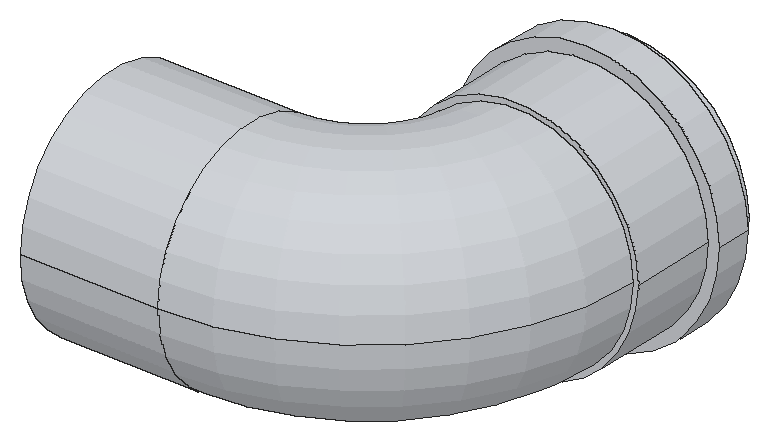
Revit family "Cotovelo - PVC - SW", category Conexões de tubo, Revit 2019
Family settings
  Cota do conector redondo = Usar raio
  Tipo de parte = Cotovelo
  ID de item do Seek = Elbow - Generic-0000-CAN-ENU
  Com base no plano de trabalho = Não
  Sempre na vertical = Sim
  Corte com vazios quando carregada = Não
  Compartilhado = Não
Parameters (values of type "Padrão")
  Tamanho da marca de revisão [instance] = Diâmetro externo da conexão * 0.4  # 17.6 mm
  Espessura do anel elevado [instance] = Profundidade do soquete * 0.12  # 3.12 mm
  Raio nominal [instance] = 20 mm
  Diâmetro nominal [instance] = Raio nominal * 2  # 40 mm
  Método de perda = Não definido
  Nome da tabela de pesquisa = "BR_Elbow - PVC - SW"
  K Coefficient Table = (empty or 0)
  Raio externo da conexão [instance] = Diâmetro externo da conexão / 2  # 22 mm
  Diâmetro externo da conexão [instance] = size_lookup(Nome da tabela de pesquisa, "FOD", 1.0362 * Diâmetro nominal + 2.30 mm, Diâmetro nominal)  # 44 mm
  Description = ""
  Centro para o soquete [instance] = Raio do centro * tan(Ângulo / 2)  # 28 mm
  Raio do centro [instance] = size_lookup(Nome da tabela de pesquisa, "CRad", 0.6842 * Diâmetro nominal + 1.00 mm, Diâmetro nominal)  # 28 mm
  Espessura do anel [instance] = Profundidade do soquete * 0.25  # 6.5 mm
  Profundidade do soquete [instance] = size_lookup(Nome da tabela de pesquisa, "SDpt", 0.6619 * Diâmetro nominal - 1.80 mm, Diâmetro nominal)  # 26 mm
  Raio externo do anel [instance] = Raio externo do soquete * 1.1  # 25.41 mm
  Raio externo do soquete [instance] = Raio externo da conexão * 1.05  # 23.1 mm
  Ângulo [instance] = 90.00°
Reference planes
  plane 1 "Centro (Frente/Trás)": y = 0
  plane 2: z = 0
  plane 3 "Centro (Esquerda/Direita)": x = 0
  plane 4: x = -28
  plane 5: y = 28
  plane 6: y = 17.6
  plane 7: y = -17.6
Forms (mm)
  Sweep 1, solid, detail levels fine
    path in 3D
      loop
        line (-54, 0, 0) -> (-28, 0, 0)
        arc (-28, 0, 0) -> (-8.201, 8.201, 0) -> (0, 28, 0) r 28
    profile origin (-8.201, 8.201, 0) x (-0.707107, 0.707107, 0) y (0, 0, 1)
      loop
        circle (0, 0) r 22
  Sweep 2, solid, detail levels fine
    path in 3D
      loop
        line (0, 28, 0) -> (0, 54, 0)
    profile origin (0, 41, 0) x (-1, 0, 0) y (0, 0, 1)
      loop
        circle (0, 0) r 23.1
  Sweep 3, solid, detail levels fine
    path origin (0, 0, 0) x (1, 0, 0) y (0, 1, 0)
      loop
        line (0, 50.88) -> (0, 44.38)
    profile origin (0, 47.63, 0) x (1, 0, 0) y (0, 0, 1)
      loop
        circle (0, 0) r 25.41
Cuts and joins
  joined: Sweep 1, Sweep 2, Sweep 3
Lines and regions (mm)
  reference lines
    curve 1: line (-28, 28, 0) -> (16.45, 28, 0)
    curve 2: arc (-28, 0, 0) -> (-8.201, 8.201, 0) -> (0, 28, 0) r 28
    curve 3: line (0, 0, 0) -> (0, 19.05, 0)
    curve 4: line (-17.6, 28, 0) -> (-17.6, -12.222, 0)
    curve 5: line (17.6, 0, 0) -> (17.6, 28, 0)
    curve 8: line (-28, 0, 0) -> (-54, 0, 0)
    curve 9: line (0, 28, 0) -> (0, 54, 0)
    curve 11: line (0, 54, 0) -> (0, 47.5, 0)
  model lines, detail levels coarse+medium
    curve 6: arc (-28, 0, 0) -> (-8.201, 8.201, 0) -> (0, 28, 0) r 28
    curve 12: line (-54, -17.6, 0) -> (-54, 17.6, 0)
    curve 13: line (-28, 0, 0) -> (-54, 0, 0)
    curve 14: line (-17.6, 54, 0) -> (17.6, 54, 0)
    curve 15: line (0, 28, 0) -> (0, 54, 0)
  sketch lines
    curve 7: arc (-28, 0, 0) -> (-8.201, 8.201, 0) -> (0, 28, 0) r 28
    curve 10: line (0, 28, 0) -> (0, 54, 0)
    curve 16: line (-28, 0, 0) -> (-54, 0, 0)
Dimensions and locks
  "Centro para o soquete": plane 4 to plane 3 "Centro (Esquerda/Direita)"
  "Raio do centro": plane 5 to plane 1 "Centro (Frente/Trás)"
  "Tamanho da marca de revisão": plane 6 to plane 1 "Centro (Frente/Trás)"
  "Tamanho da marca de revisão": plane 7 to plane 1 "Centro (Frente/Trás)"
  "Tamanho da marca de revisão": curve 3 to curve 4
  "Tamanho da marca de revisão": curve 5 to curve 3
  "Profundidade do soquete": curve 9 to curve 9
  "Profundidade do soquete": curve 8 to curve 8
  "Espessura do anel": curve 11 to curve 11
  "Espessura do anel elevado": Sweep 3 sketch curve to curve 14
  "Espessura do anel": Sweep 3 sketch curve to Sweep 3 sketch curve
  "Raio do centro": radius of curve 2
  "Raio externo da conexão": radius of Sweep 1 sketch curve
  "Raio externo do soquete": radius of Sweep 2 sketch curve
  "Raio externo do anel": radius of Sweep 3 sketch curve
  "Ângulo": angle plane 4 to curve 1
  "Ângulo": angle curve 2 to curve 2
  "Ângulo": angle plane 1 "Centro (Frente/Trás)" to curve 3
  "Ângulo": angle curve 6 to curve 6
  angle curve 9 to curve 1 = 90.00°
  angle curve 11 to curve 1 = 90.00°
  angle curve 14 to curve 5 = 90.00°
  angle curve 15 to curve 1 = 90.00°
  "Ângulo": angle plane 1 "Centro (Frente/Trás)" to Sweep 3 sketch curve
  aligned and locked: plane 4 to curve 1
  aligned and locked: plane 5 to curve 1
  aligned and locked: plane 5 to curve 2
  aligned and locked: plane 4 to curve 2  (x2)
  aligned and locked: plane 1 "Centro (Frente/Trás)" to curve 3
  aligned and locked: plane 3 "Centro (Esquerda/Direita)" to curve 3
  aligned and locked: curve 6 to curve 2
  aligned and locked: plane 6 to curve 12
  aligned and locked: plane 7 to curve 12
  aligned and locked: curve 5 to curve 14
  aligned and locked: curve 14 to curve 4
  aligned and locked: curve 14 to curve 11
  aligned and locked: curve 11 to Sweep 3 sketch curve
  aligned and locked: curve 12 to curve 8
Automatic sketch dimensions
  Sweep 1 sketch curve to profile plane = 0.00 mm
  profile plane to Sweep 1 sketch curve = 0.00 mm
  curve 1 to curve 5 = 0.00 mm
  curve 1 to curve 4 = 0.00 mm
  curve 3 to curve 5 = 0.00 mm
  curve 4 to curve 1 = 40.222 mm
  Sweep 2 sketch curve to profile plane = 0.00 mm  (x2)
  Sweep 3 sketch curve to level = 0.00 mm
  profile plane to Sweep 3 sketch curve = 0.00 mm
Connectors
  piping at (-54, 0, 0), diameter 40, driven by "Raio nominal", driven by "Ângulo"
    settings: on cut or joined group of Sweep 1, Sweep 2, Sweep 3, index 1, connector inside diameter 40 mm, connector length 0.00 mm, flow factor 0, pipe flow 0.0 L/s, pressure drop 0.0 Pa, fitting loss kfactor 0, connector angle 90.00°, fixture units 0, engagement length 0.00 mm, angle of deflection 0.00°, flow configuration 0, flow direction 0, fitting loss method 0, system type 28, joint type 0, gender type 0, connector reference index 2, connector utility 0, adjustable connector no, is connector primary yes, connector description ""
  piping at (0, 54, 0), diameter 40, driven by "Raio nominal", driven by "Ângulo"
    settings: on cut or joined group of Sweep 1, Sweep 2, Sweep 3, index 2, connector inside diameter 40 mm, connector length 0.00 mm, flow factor 0, pipe flow 0.0 L/s, pressure drop 0.0 Pa, fitting loss kfactor 0, connector angle 90.00°, fixture units 0, engagement length 0.00 mm, angle of deflection 0.00°, flow configuration 0, flow direction 0, fitting loss method 0, system type 28, joint type 0, gender type 0, connector reference index 1, connector utility 0, adjustable connector no, is connector primary no, connector description ""
